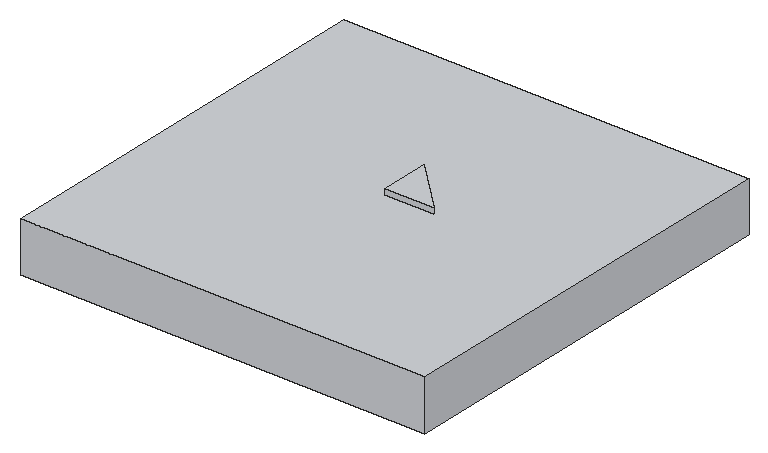
Revit family
Parameters
  Width = 1' - 0"
  URL = "www.coldspringgranite.com"
  TypicalJointSize = 0' - 0 1/4"
  StoneMaterial = none
  SettingSpace = SettingBed + Height  # 0' - 2"
  SettingBed = 0' - 0 13/16"
  Product Name = "Paving Stone Panels in Triangular Shape"
  Product Documentation Link = "http://www.coldspringgranite.com/BIM_Families/Family_Detail/Paving_Stone_Panels_in_Triangular_Shape/"
  PhoneNumber = "800-551-7502"
  Notes = ""
  Model = "N/A"
  Manufacturer = "Cold Spring Granite Company"
  Low Emitting Material = yes
  Low Emitting Finish = yes
  Location = "17482 Granite West Road, Cold Spring, MN 56320-4578"
  Length = 1' - 0"
  LEED Credit = ""
  Keynote = "096340"
  JointAngleOff = no
  JointLeftOff = no
  JointLeft = if(JointLeftOff, 0' 0", TypicalJointSize / 2)  # 0' - 0 1/8"
  JointBottomOff = no
  JointBottom = if(JointBottomOff, 0' 0", TypicalJointSize / 2)  # 0' - 0 1/8"
  JointAngle = if(JointAngleOff, 0' 0", TypicalJointSize / 2)  # 0' - 0 1/8"
  Height = 0' - 1 3/16"
  Description = "Stone Floor Paving"
  Default Elevation = 0' - 0"
  Assembly Code = "C3020800"
  ADA Compliant = yes
Reference planes (in)
  plane 1 "Center (Front/Back)": y = 0
  plane 2: z = 0
  plane 3 "Center (Left/Right)": x = 0
  plane 4 "StoneLeft": x = 0.125
  plane 5 "StoneBottom": y = 0.125
  plane 6: z = 0.8125
  plane 7: z = 2
  plane 8 "JointTopCenter": y = 12
  plane 9 "JointRightCenter": x = 12
Forms (in)
  Extrusion 1, solid
    sketch origin (0, 0, 0) x (1, 0, 0) y (0, 1, 0)
      loop
        line (-48, 48) -> (-48, -48) -> (48, -48) -> (48, 48) -> (-48, 48)
    from 0 to -12
  Extrusion 2, solid, material <- "StoneMaterial", detail levels medium+fine
    sketch origin (12, 0, 0) x (1, 0, 0) y (0, 1, 0)
      loop
        line (-11.875, 11.69822) -> (-11.875, 0.125) -> (-0.30178, 0.125) -> (-11.875, 11.69822)
    from 0.8125 to 2
  Extrusion 3, solid, material <- "StoneMaterial", detail levels coarse
    sketch origin (0, 0, 0) x (1, 0, 0) y (0, 1, 0)
      loop
        line (0, 12) -> (0, 0) -> (12, 0) -> (0, 12)
    from 0 to 2
Lines and regions (in)
  Masking region 1, detail levels medium+fine
    outline origin (0, 0, 0) x (1, 0, 0) y (0, 1, 0)
      loop
        line (0.125, 11.69822) -> (0.125, 0.125) -> (11.69822, 0.125) -> (0.125, 11.69822)
  Masking region 2, detail levels coarse
    outline origin (20.5165, 6.59027, 0) x (1, 0, 0) y (0, 1, 0)
      loop
        line (-20.5165, 5.40973) -> (-20.5165, -6.59027) -> (-8.5165, -6.59027) -> (-20.5165, 5.40973)
  Masking region 3, detail levels medium+fine
    outline origin (0, 0, 0) x (1, 0, 0) y (0, 0, 1)
      loop
        line (0.125, 2) -> (0.125, 0.8125) -> (11.69822, 0.8125) -> (11.69822, 2) -> (0.125, 2)
  Masking region 4, detail levels medium+fine
    outline origin (0, 0, 0) x (0, 1, 0) y (0, 0, 1)
      loop
        line (11.69822, 2) -> (0.125, 2) -> (0.125, 0.8125) -> (11.69822, 0.8125) -> (11.69822, 2)
  Masking region 5, detail levels coarse
    outline origin (0, 0, 0) x (0, 1, 0) y (0, 0, 1)
      loop
        line (12, 2) -> (0, 2) -> (0, 0) -> (12, 0) -> (12, 2)
  Masking region 6, detail levels coarse
    outline origin (0, 0, 0) x (1, 0, 0) y (0, 0, 1)
      loop
        line (0, 2) -> (0, 0) -> (12, 0) -> (12, 2) -> (0, 2)
  reference lines
    curve 1: line (0, 12, 0) -> (12, 0, 0)
    curve 2: line (-0.58124, 12.40446, 0) -> (11.41876, 0.40446, 0)
Dimensions and locks (in)
  "JointLeft": plane 3 "Center (Left/Right)" to plane 4 "StoneLeft"
  "JointBottom": plane 5 "StoneBottom" to plane 1 "Center (Front/Back)"
  "Length": plane 3 "Center (Left/Right)" to plane 9 "JointRightCenter"
  "Width": plane 1 "Center (Front/Back)" to plane 8 "JointTopCenter"
  "SettingSpace": plane 7 to plane 2
  "Height": plane 7 to plane 6
  "JointAngle": curve 2 to curve 1
  aligned and locked: plane 2 to Extrusion 1
  aligned and locked: Extrusion 1 to level
  aligned and locked: plane 4 "StoneLeft" to Extrusion 2 sketch curve  (x2)
  aligned and locked: plane 5 "StoneBottom" to Extrusion 2 sketch curve
  aligned and locked: Extrusion 2 to plane 6
  aligned and locked: plane 7 to Extrusion 2
  aligned and locked: plane 3 "Center (Left/Right)" to curve 1
  aligned and locked: plane 8 "JointTopCenter" to curve 1
  aligned and locked: plane 1 "Center (Front/Back)" to curve 1
  aligned and locked: plane 9 "JointRightCenter" to curve 1
  aligned and locked: curve 2 to Extrusion 2 sketch curve
  aligned and locked: Extrusion 3 sketch curve to curve 1
  aligned and locked: Extrusion 3 sketch curve to plane 3 "Center (Left/Right)"
  aligned and locked: plane 1 "Center (Front/Back)" to Extrusion 3 sketch curve
  aligned and locked: plane 7 to Extrusion 3
  aligned and locked: Masking region 1 sketch curve to curve 2
  aligned and locked: Masking region 1 sketch curve to plane 5 "StoneBottom"
  aligned and locked: Masking region 1 sketch curve to plane 4 "StoneLeft"
  aligned and locked: Masking region 2 sketch curve to plane 3 "Center (Left/Right)"
  aligned and locked: plane 1 "Center (Front/Back)" to Masking region 2 sketch curve
  aligned and locked: Masking region 2 sketch curve to Extrusion 3
  aligned and locked: Masking region 3 sketch curve to plane 7
  aligned and locked: plane 4 "StoneLeft" to Masking region 3 sketch curve
  aligned and locked: plane 6 to Masking region 3 sketch curve
  aligned and locked: Masking region 3 sketch curve to Extrusion 2
  aligned and locked: Masking region 4 sketch curve to plane 7
  aligned and locked: Masking region 4 sketch curve to Extrusion 2
  aligned and locked: plane 6 to Masking region 4 sketch curve
  aligned and locked: plane 5 "StoneBottom" to Masking region 4 sketch curve
  aligned and locked: Masking region 5 sketch curve to plane 7
  aligned and locked: Masking region 5 sketch curve to plane 8 "JointTopCenter"
  aligned and locked: plane 2 to Masking region 5 sketch curve
  aligned and locked: Masking region 5 sketch curve to plane 1 "Center (Front/Back)"
  aligned and locked: Masking region 6 sketch curve to plane 7
  aligned and locked: plane 3 "Center (Left/Right)" to Masking region 6 sketch curve
  aligned and locked: plane 2 to Masking region 6 sketch curve
  aligned and locked: Masking region 6 sketch curve to plane 9 "JointRightCenter"
  aligned and locked: Extrusion 3 to plane 2
Automatic sketch dimensions
  Extrusion 1 sketch curve to Extrusion 1 sketch curve = 8' - 0"  (x2)
  curve 2 to plane 3 "Center (Left/Right)" = 0' - 0.58124"
  curve 2 to plane 9 "JointRightCenter" = 0' - 0.58124"
Nested families (in)
  nested 1: "CopyRight" at (0, 0, 0), type "CopyRight"
Definition of nested family "CopyRight"
  Parameters (values of type "CopyRight")
    CopyRight = "Cold Spring Granite Company"
  Reference planes (in)
    plane 1: z = 0
